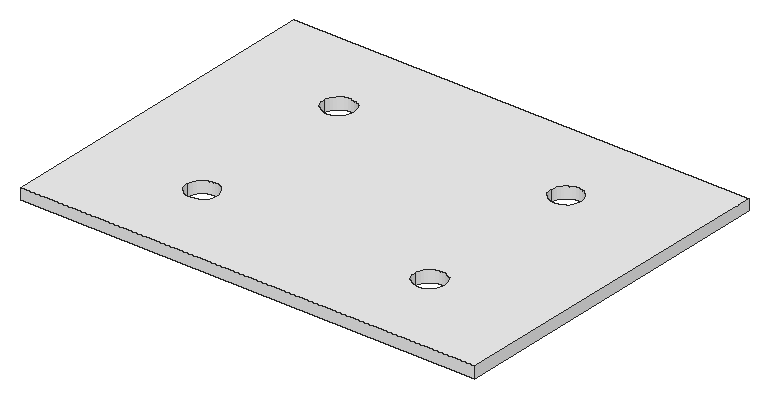
Revit family "Column Base Plate-4 Hole", category Structural Connections, host Face, Revit 2019
Family settings
  Host = Face
  Material for Model Behavior = Other
  Enable cutting in views = No
  Cut with Voids When Loaded = No
  Shared = No
Parameters (values of type "10mm")
  Width [instance] = 300 mm
  Thickness = 10 mm
  Plate Material = Metal - Steel - 345 MPa
  Length [instance] = 400 mm
  Hole Spacing Vertical [instance] = 150 mm
  Hole Spacing Horizontal [instance] = 200 mm
  Hole Radius [instance] = Hole Diameter / 2  # 13.5 mm
  Hole Diameter [instance] = 27 mm
  Default Elevation = 1200 mm
Types (6, lengths in mm): name | Thickness
  5mm | 5
  10mm | 10
  15mm | 15
  20mm | 20
  25mm | 25
  30mm | 30
Reference planes
  plane 1 "Center (Front/Back)": y = 0
  plane 2: z = 0
  plane 3 "Center (Left/Right)": x = 0
  plane 4: x = -200
  plane 5: x = 200
  plane 6: y = 150
  plane 7: y = -150
  plane 8: y = 75
  plane 9: y = -75
  plane 10: x = -100
  plane 11: x = 100
  plane 12: z = 10
  plane 13: x = -100
  plane 14: x = 100
  plane 15: y = 75
  plane 16: y = -75
Forms (mm)
  Extrusion 1, solid, material "Metal - Steel - 345 MPa" <- "Plate Material"
    sketch origin (0, 0, 0) x (1, 0, 0) y (0, 1, 0)
      loop
        line (-200, 150) -> (-200, -150) -> (200, -150) -> (200, 150) -> (-200, 150)
    from 0 to 10
  Extrusion 2, void
    sketch origin (0, 0, 0) x (1, 0, 0) y (0, 1, 0)
      loop
        circle (-100, 75) r 13.5
      loop
        circle (100, 75) r 13.5
      loop
        circle (-100, -75) r 13.5
      loop
        circle (100, -75) r 13.5
    from 0 to 10
Cuts and joins
  Extrusion 2 cuts Extrusion 1
Dimensions and locks
  "Length": plane 4 to plane 5
  equal spacing: plane 4, plane 3 "Center (Left/Right)", plane 5
  equal spacing: plane 7, plane 1 "Center (Front/Back)", plane 6
  "Width": plane 7 to plane 6
  equal spacing: plane 9, plane 1 "Center (Front/Back)", plane 8
  "Hole Spacing Vertical": plane 9 to plane 8
  equal spacing: plane 10, plane 3 "Center (Left/Right)", plane 11
  "Hole Spacing Horizontal": plane 10 to plane 11
  "Thickness": plane 12 to plane 2
  "Hole Radius": radius of Extrusion 2 sketch curve  (x4)
  aligned and locked: plane 2 to host face
  aligned and locked: level to host face
  aligned and locked: plane 4 to Extrusion 1 sketch curve
  aligned and locked: Extrusion 1 sketch curve to plane 6
  aligned and locked: plane 7 to Extrusion 1 sketch curve
  aligned and locked: plane 5 to Extrusion 1 sketch curve
  aligned and locked: plane 12 to Extrusion 1
  aligned and locked: Extrusion 1 to level
  aligned and locked: plane 10 to Extrusion 2 sketch curve  (x2)
  aligned and locked: plane 8 to Extrusion 2 sketch curve  (x2)
  aligned and locked: plane 9 to Extrusion 2 sketch curve  (x2)
  aligned and locked: plane 11 to Extrusion 2 sketch curve  (x2)
  aligned and locked: Extrusion 1 to Extrusion 2
  aligned and locked: Extrusion 2 to level
  aligned and locked: plane 10 to plane 13
  aligned and locked: plane 14 to plane 11
  aligned and locked: plane 8 to plane 15
  aligned and locked: plane 16 to plane 9
Automatic sketch dimensions
  host sketch curve to host sketch curve = 1999.199 mm
  host sketch curve to host sketch curve = 1456.933 mm
